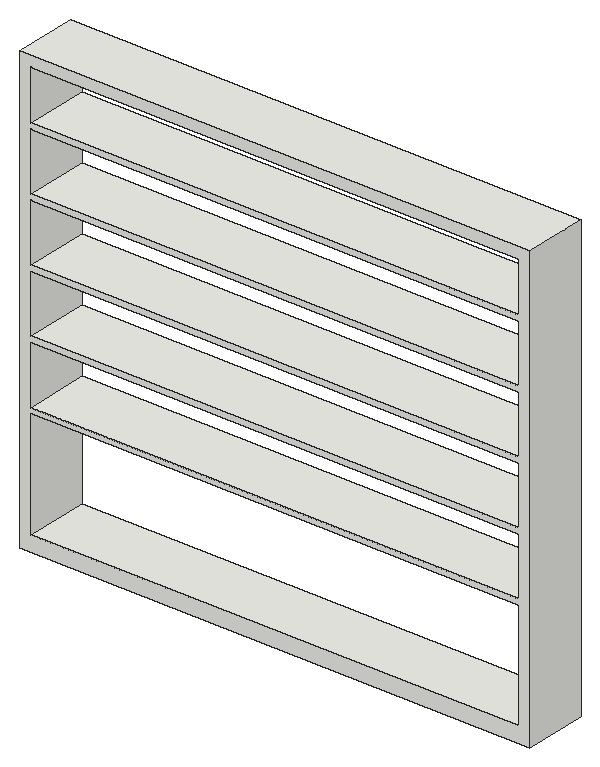
Revit family
Parameters (values of type "2440 x 0305 x 2134mm")
  Depth = 305.00 mm
  Height = 2134.00 mm
  Material = Laminate - Ivory, Matte
  Width = 2440.00 mm
Types (3, lengths in mm): name | Depth | Height | Material | Width
  (no name) | 305.00 | 2134.00 | Laminate - Ivory, Matte | 2440.00
  0915 x 0254 x 1830mm | 254.00 | 1830.00 | Wood - Birch | 915.00
  2440 x 0305 x 2134mm | 305.00 | 2134.00 | Laminate - Ivory, Matte | 2440.00
Reference planes
  plane 1: y = -304.8
  plane 2: z = 0
  plane 3: x = 0
  plane 4 "Back": y = -152.3
  plane 5 "Front": y = -457.3
  plane 6 "Right": x = 1220
  plane 7 "Left": x = -1220
  plane 8: z = 2134
  plane 9: x = -1169.2
  plane 10: x = 1169.2
  plane 11: x = -1220
  plane 12: x = 1220
  plane 13: z = 1524.286
  plane 14: z = 914.571
  plane 15: z = 304.857
  plane 16: z = 1829.143
  plane 17: z = 1219.429
  plane 18: z = 609.714
Forms (mm)
  Extrusion 1, solid, material "Laminate - Ivory, Matte" <- "Material"
    sketch origin (0, 0, 0) x (1, 0, 0) y (0, 0, 1)
      loop
        line (-1220, 0) -> (1220, 0) -> (1220, 2134) -> (-1220, 2134) -> (-1220, 0)
      loop
        line (-1169.2, 2083.2) -> (-1169.2, 1841.843) -> (1169.2, 1841.843) -> (1169.2, 2083.2) -> (-1169.2, 2083.2)
      loop
        line (-1169.2, 76.2) -> (1169.2, 76.2) -> (1169.2, 597.014) -> (-1169.2, 597.014) -> (-1169.2, 76.2)
      loop
        line (1169.2, 1232.129) -> (1169.2, 1511.586) -> (-1169.2, 1511.586) -> (-1169.2, 1232.129) -> (1169.2, 1232.129)
      loop
        line (-1169.2, 1816.443) -> (-1169.2, 1536.986) -> (1169.2, 1536.986) -> (1169.2, 1816.443) -> (-1169.2, 1816.443)
      loop
        line (-1169.2, 1206.729) -> (-1169.2, 927.271) -> (1169.2, 927.271) -> (1169.2, 1206.729) -> (-1169.2, 1206.729)
      loop
        line (-1169.2, 901.871) -> (-1169.2, 622.414) -> (1169.2, 622.414) -> (1169.2, 901.871) -> (-1169.2, 901.871)
    from 152.3 to 457.3
Lines and regions (mm)
  symbolic lines, style "Furniture"
    curve 1: line (-1220, -152.3, 0) -> (1220, -152.3, 0)
    curve 2: line (-1220, -457.3, 0) -> (-1220, -152.3, 0)
    curve 3: line (1220, -457.3, 0) -> (-1220, -457.3, 0)
    curve 4: line (1220, -152.3, 0) -> (1220, -457.3, 0)
Dimensions and locks
  locked: plane 11 to plane 9 at 50.8
  plane 8 to Extrusion 1 sketch curve = 50.80 mm
  Extrusion 1 sketch curve to plane 2 = 76.20 mm
  "Width": plane 7 "Left" to plane 6 "Right"
  equal spacing: plane 7 "Left", plane 3, plane 6 "Right"
  equal spacing: plane 4 "Back", plane 1, plane 5 "Front"
  "Depth": plane 4 "Back" to plane 5 "Front"
  "Height": plane 8 to plane 2
  equal spacing: plane 8, plane 16, plane 13, plane 17, plane 14, plane 18, plane 15, plane 2
  locked: Extrusion 1 sketch curve to plane 16 at 12.7
  locked: plane 16 to Extrusion 1 sketch curve at 12.7
  locked: Extrusion 1 sketch curve to plane 13 at 12.7
  locked: plane 13 to Extrusion 1 sketch curve at 12.7
  locked: Extrusion 1 sketch curve to plane 17 at 12.7
  locked: plane 17 to Extrusion 1 sketch curve at 12.7
  locked: Extrusion 1 sketch curve to plane 14 at 12.7
  locked: plane 14 to Extrusion 1 sketch curve at 12.7
  locked: Extrusion 1 sketch curve to plane 18 at 12.7
  locked: plane 18 to Extrusion 1 sketch curve at 12.7
  locked: plane 10 to plane 12 at 50.8
  aligned and locked: Extrusion 1 to plane 5 "Front"
  aligned and locked: Extrusion 1 sketch curve to plane 11
  aligned and locked: Extrusion 1 sketch curve to plane 12
  aligned and locked: plane 11 to plane 7 "Left"
  aligned and locked: plane 12 to plane 6 "Right"
  aligned and locked: plane 4 "Back" to Extrusion 1
  aligned and locked: plane 10 to Extrusion 1 sketch curve  (x4)
  aligned and locked: Extrusion 1 sketch curve to Extrusion 1 sketch curve
Automatic sketch dimensions
  Extrusion 1 sketch curve to plane 9 = 0.00 mm  (x5)
  Extrusion 1 sketch curve to plane 10 = 0.00 mm  (x2)
  Extrusion 1 sketch curve to level = 0.00 mm
  Extrusion 1 sketch curve to plane 8 = 0.00 mm
  curve 3 to plane 5 "Front" = 0.00 mm
  curve 3 to plane 7 "Left" = 0.00 mm
  curve 3 to plane 6 "Right" = 0.00 mm
  curve 2 to plane 4 "Back" = 0.00 mm
